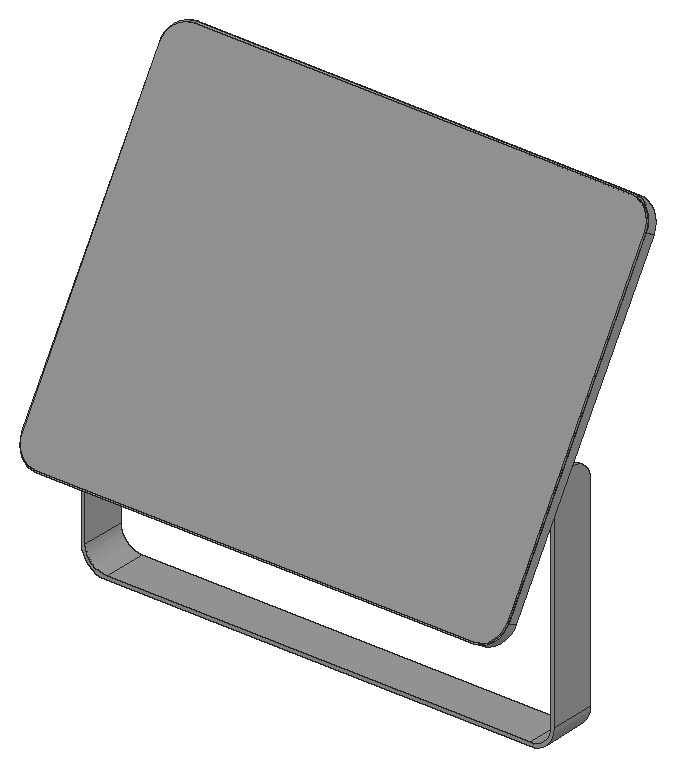
Revit family "0047973 Sylvania Lighting Fixture START eco Flood Flat IP65 6500lm 840", category Lighting Fixtures, host Face, Revit 2016
Family settings
  Host = Face
  Part Type = Normal
  Round Connector Dimension = Use Diameter
  OmniClass Number = 23.80.70.00
  OmniClass Title = Lighting
  Cut with Voids When Loaded = No
  Light Source = No
  Shared = No
  Room Calculation Point = No
Parameters (values of type "0047973 ST E FLD FLT IP65 6500LM 840")
  WidthBracketIn_SYL = if([10W_SYL], 102.2 mm, if([30W_SYL], 143.3 mm, if([50W_SYL], 181 mm, 262.8 mm)))  # 262.8 mm
  Weight = "8.875 kg"
  Wattage Comments = ""
  WarrantyStartDate [instance] = "n/a"
  WarrantyGuarantorParts = "n/a"
  WarrantyDurationUnit = "n/a"
  WarrantyDurationParts = "n/a"
  WarrantyDescription = "n/a"
  Voltage = 0 V
  URL = "http://www.sylvania-lighting.com"
  TypeName = "START eco Flood Flat IP65 6500lm 840"
  TypeLight_SYL = START eco Flood Flat Lamp : 0047973 ST E FLD FLT IP65 6500LM 840
  Type Image = <None>
  Type Comments = "n/a"
  ThicknessBracket_SYL = if([10W_SYL], 1.5 mm, 2 mm)  # 2 mm
  SerialNumber [instance] = "n/a"
  RotationAngle_SYL [instance] = 32.00°
  RadiusBracket_SYL = if([10W_SYL], 7.7 mm, if([30W_SYL], 8 mm, if([50W_SYL], 17 mm, 14 mm)))  # 14 mm
  RadiusBracketIn_SYL = RadiusBracket_SYL - ThicknessBracket_SYL  # 12 mm
  OffsetAxis_SYL = DepthBracket_SYL / 2  # 12.5 mm
  PowerFactor = 0.9
  PowerConsumption = "70 W"
  NominalLength = 283 mm
  NominalHeight = 44 mm
  NominalDepth = 263 mm
  Name = "START eco Flood Flat IP65 6500lm 840"
  ModelReference = Name  # "START eco Flood Flat IP65 6500lm 840"
  ModelNumber = "0047973"
  Model = Name  # "START eco Flood Flat IP65 6500lm 840"
  Material = "adc12 housing"
  ManufacturerName = "Feilo Sylvania"
  Manufacturer = "Feilo Sylvania"
  LuminousEfficacy = "95 lm/W"
  LuminaireType = ""
  LightOutputRatio = "n/a"
  LampsType = Lamp  # "LED"
  LampNominalLuminous = "6650 lm"
  LampMacAdamStep = "n/a"
  LampColourTemperature = "4000 K"
  LampColourRenderingIndex = "80"
  Lamp = "LED"
  Keynote = "16500"
  InstallationDate [instance] = "n/a"
  InputVoltage = "n/a"
  InputNominalFrequency = "n/a"
  IngressProtection = "IP65"
  ImpactProtectionIndex = "IK07"
  IfcExportType = "IfcLightFixtureType"
  IfcExportAs = "IfcLightFixtureType"
  HeightBracket_SYL = if([10W_SYL], 55 mm, if([30W_SYL], 70 mm, if([50W_SYL], 110 mm, 141 mm)))  # 141 mm
  ExpectedLife = 30000
  EndAngle_SYL [instance] = RotationAngle_SYL + 180.00°  # 212.00°
  ElectricShockClassification = "Class I"
  DurationUnit = "hours"
  DocumentationLiterature = "http://www.sylvania-lighting.com/product/en-int/products/0047973"
  DimmingControlOptions = "n/a"
  Description = "The new Start eco Flood Flat comes with improved design. The streamlined, durable, lightweight die-cast aluminium body makes it a perfect choice for building facades, car parks, garages and construction areas. The product includes 1 m pre-wired stripped cable and fitting bracket for quick and easy installation and the universal mounting bracket allows wall or surface mounting with the possibility of vertical tilting. Black die-cast aluminum housing, white reflector, 6650 lm, 70 W, 95 lm/W, 4000K, drive current 270 mA, non dimmable, CRI>80, IP65, IK07, Class I, lumen maintenance L70:B50: 30000 hrs, 283 x 263 x 44 mm (L x W x H). Weight: 1.775kg. Energy class: A++ A+ A."
  DepthBracket_SYL = if([10W_SYL], 15 mm, if([30W_SYL], 15 mm, if([50W_SYL], 17 mm, 25 mm)))  # 25 mm
  Default Elevation = 1219.2 mm
  CreatedOn = "10/8/2018"
  CreatedBy = "@sylvania-lighting.com"
  Cost = 0
  built-in parameter 1114216 [instance] = (empty or 0)
  ClassificationValue = "EF_70_80"
  ClassificationName = "Uniclass2015"
  Material_1_SYL = Body-Sylvania-FloodFlat-Black
  BarCode [instance] = "n/a"
  AssetType = "Fixed"
  AssetIdentifier [instance] = "n/a"
  Assembly Code = "D5020200"
  Apparent Load = 70 VA
  50W_SYL = no
  30W_SYL = no
  10W_SYL = no
Reference planes
  plane 1 "Center (Front/Back)": y = 0
  plane 2: z = 0
  plane 3 "Center (Left/Right)": x = 0
  plane 4: x = -133.4
  plane 5: x = 133.4
  plane 6: z = 141
  plane 7: z = 128.5
  plane 8: x = -131.4
  plane 9: x = 131.4
  plane 10: z = 2
  plane 11: y = 12.5
  plane 12: y = -12.5
  plane 13: x = -119.4
  plane 14: z = 14
  plane 15: x = 119.4
  plane 16: y = -14.5
  plane 17: z = 143
  plane 18: y = 14.5
Forms (mm)
  Extrusion 1, solid, material "Body-Sylvania-FloodFlat-Black" <- "Material_1_SYL"
    sketch origin (0, 0, 0) x (1, 0, 0) y (0, 0, 1)
      loop
        line (-131.4, 141) -> (-133.4, 141) -> (-133.4, 14)
        arc (-133.4, 14) -> (-129.299, 4.101) -> (-119.4, 0) r 14
        line (-119.4, 0) -> (119.4, 0)
        arc (119.4, 0) -> (129.299, 4.101) -> (133.4, 14) r 14
        line (133.4, 14) -> (133.4, 141) -> (131.4, 141) -> (131.4, 14)
        arc (131.4, 14) -> (127.885, 5.515) -> (119.4, 2) r 12
        line (119.4, 2) -> (-119.4, 2)
        arc (-119.4, 2) -> (-127.885, 5.515) -> (-131.4, 14) r 12
        line (-131.4, 14) -> (-131.4, 141)
    from -12.5 to 12.5
  Extrusion 2, void
    sketch origin (0, 0, 0) x (0, 1, 0) y (0, 0, 1)
      loop
        line (12.5, 128.5) -> (14.5, 128.5) -> (14.5, 143) -> (-14.5, 143) -> (-14.5, 128.5) -> (-12.5, 128.5)
        arc (-12.5, 128.5) -> (0, 141) -> (12.5, 128.5) r 12.5
    from -133.4 to 133.4
  Revolve 3, solid, not visible
    sketch origin (0, 0, 0) x (1, 0, 0) y (0, 0, 1)
      loop
        line (0, 128.5) -> (0, 141) -> (-12.336, 141) -> (-12.336, 128.5) -> (0, 128.5)
      axis (0, 128.5) -> (-12.336, 128.5)
    angle from 32 <- "RotationAngle_SYL" to 212 <- "EndAngle_SYL"
Cuts and joins
  Extrusion 2 cuts Extrusion 1
Dimensions and locks
  equal spacing: plane 9, plane 3 "Center (Left/Right)", plane 8
  "WidthBracketIn_SYL": plane 9 to plane 8
  "ThicknessBracket_SYL": plane 8 to plane 4
  "ThicknessBracket_SYL": plane 5 to plane 9
  "ThicknessBracket_SYL": plane 10 to plane 2
  equal spacing: plane 12, plane 1 "Center (Front/Back)", plane 11
  "DepthBracket_SYL": plane 12 to plane 11
  "OffsetAxis_SYL": plane 7 to plane 6
  "HeightBracket_SYL": plane 6 to plane 2
  "RadiusBracket_SYL": plane 14 to plane 2
  equal spacing: plane 15, plane 3 "Center (Left/Right)", plane 13
  "RadiusBracket_SYL": plane 13 to plane 4
  equal spacing: plane 16, plane 1 "Center (Front/Back)", plane 18
  locked: plane 16 to plane 12 at 2
  locked: plane 6 to plane 17 at 2
  "RadiusBracket_SYL": radius of Extrusion 1 sketch curve  (x2)
  "RadiusBracketIn_SYL": radius of Extrusion 1 sketch curve  (x2)
  aligned and locked: plane 2 to host face
  aligned and locked: level to host face
  aligned and locked: Extrusion 1 sketch curve to plane 6  (x2)
  aligned and locked: Extrusion 1 sketch curve to plane 4
  aligned and locked: plane 5 to Extrusion 1 sketch curve
  aligned and locked: Extrusion 1 sketch curve to plane 9
  aligned and locked: Extrusion 1 sketch curve to plane 2
  aligned and locked: plane 13 to Extrusion 1 sketch curve
  aligned and locked: plane 14 to Extrusion 1 sketch curve  (x2)
  aligned and locked: plane 15 to Extrusion 1 sketch curve
  aligned and locked: Extrusion 1 to plane 11
  aligned and locked: plane 12 to Extrusion 1
  aligned and locked: plane 11 to Extrusion 2 sketch curve
  aligned and locked: plane 1 "Center (Front/Back)" to Extrusion 2 sketch curve
  aligned and locked: plane 7 to Extrusion 2 sketch curve
  aligned and locked: plane 17 to Extrusion 2 sketch curve
  aligned and locked: plane 18 to Extrusion 2 sketch curve
  aligned and locked: Extrusion 2 sketch curve to plane 16
  aligned and locked: Extrusion 2 sketch curve to plane 7  (x2)
  aligned and locked: plane 5 to Extrusion 2
  aligned and locked: Extrusion 2 to plane 4
  aligned and locked: Revolve 3 sketch curve to plane 7  (x2)
  aligned and locked: Revolve 3 sketch curve to plane 3 "Center (Left/Right)"
  aligned and locked: plane 6 to Revolve 3 sketch curve
  aligned and locked: plane 3 "Center (Left/Right)" to nested 1
Automatic sketch dimensions
  host sketch curve to host sketch curve = 2438.4 mm  (x2)
  Revolve 3 sketch curve to plane 3 "Center (Left/Right)" = 12.336 mm
  Revolve 3 sketch curve to plane 4 = 1122.5 mm
  plane 5 to Revolve 3 sketch curve = 1130.9 mm
Nested families
  nested 1: "START eco Flood Flat Lamp" at (0, 14.785, 152.161) x (1, 0, 0) z (0, -0.848, 0.5299), type <- "TypeLight_SYL", type "0047973 ST E FLD FLT IP65 6500LM 840"
    with built-in parameter 1114216 (empty or 0)
Connectors
  electrical at (0, 0, 0), driven by "Apparent Load", driven by "PowerFactor", driven by "Voltage"
    settings: index 1, voltage 0 V, apparent load 70 VA, apparent load phase1 0 VA, apparent load phase2 0 VA, apparent load phase3 0 VA, power factor 0.9, load classification "Lighting", number of poles 1, system type 30, power factor state 1, is connector primary yes, connector utility no, sub classification motor no, connector description ""
Definition of nested family "START eco Flood Flat Lamp"
  Parameters (values of type "0047977 ST E FLD FLT IP65 9000LM 840")
    Width_SYL = if([10W_SYL], 110 mm, if([30W_SYL], 151 mm, if([50W_SYL], 189 mm, 275 mm)))  # 275 mm
    WidthLEDBoard_SYL = if([10W_SYL], 40 mm, if([30W_SYL], 83 mm, if([50W_SYL], 80 mm, 180 mm)))  # 180 mm
    WidthVignette_SYL = if([10W_SYL], 78.6 mm, if([30W_SYL], 120 mm, if([50W_SYL], 157 mm, 226 mm)))  # 226 mm
    WidthBoltHousing_SYL = 4 * OffsetBoltHousing_SYL  # 24.5 mm
    Wattage Comments = "n/a"
    Wattage = 100 W
    built-in parameter 1150110 = 1 (stored number, unit not read)
    URL = "http://www.sylvania-lighting.com"
    Type Image = (empty or 0)
    Type Comments = "n/a"
    built-in parameter 1114217 = 1 (stored number, unit not read)
    Tilt Angle = -90.00°
    ThicknessScreen_SYL = if([10W_SYL], 5 mm, if([30W_SYL], 5.2 mm, if([50W_SYL], 5.4 mm, 6.1 mm)))  # 6.1 mm
    ThicknessDiffuser_SYL = 0.8 mm  # constant formula
    built-in parameter 1150109 = 1 (stored number, unit not read)
    built-in parameter 1150134 = 12
    built-in parameter 1150113 = 1 (stored number, unit not read)
    RotationAxisFromTop_SYL = if([10W_SYL], 48.8 mm, if([30W_SYL], 61.7 mm, if([50W_SYL], 91.3 mm, 133.4 mm)))  # 133.4 mm
    RadiusLEDBoard_SYL = if([10W_SYL], 1.5 mm, if([30W_SYL], 2 mm, if([50W_SYL], 1.9 mm, 3.7 mm)))  # 3.7 mm
    RadiusDiffuser_SYL = RadiusCorners_SYL - ThicknessDiffuser_SYL  # 13.4 mm
    RadiusCorners_SYL = if([10W_SYL], 10.5 mm, if([30W_SYL], 10.7 mm, if([50W_SYL], 10.7 mm, 14.2 mm)))  # 14.2 mm
    RadiusBoltHousing_SYL = if([10W_SYL], 4.1 mm, if([30W_SYL], 4.9 mm, if([50W_SYL], 5 mm, 8.1 mm)))  # 8.1 mm
    RadiusBack_SYL = RadiusCorners_SYL - OffsetXBack_SYL / 3  # 10.117 mm
    RadiusBackB_SYL = RadiusBack_SYL - OffsetXBackB_SYL  # 7.054 mm
    Photometric Web File = "0047977.ies"
    PIR_SYL = no
    PIRHolderRadius_SYL = PIRBaseFillet_SYL + 2 mm  # 11 mm
    PIRFillet_SYL = 3 mm  # constant formula
    PIRBaseWidth_SYL = 38 mm
    PIRBaseFillet_SYL = PIRBaseDepth_SYL / 2  # 9 mm
    PIRBaseDepth_SYL = 18 mm
    OffsetYBack_SYL = (Height_SYL - HeightVignette_SYL) / 4  # 11 mm
    OffsetYBackB_SYL = OffsetYBack_SYL / 4  # 2.75 mm
    OffsetXBack_SYL = (Width_SYL - WidthVignette_SYL) / 4  # 12.25 mm
    OffsetXBackB_SYL = OffsetXBack_SYL / 4  # 3.063 mm
    OffsetBoltHousing_SYL = OffsetXBack_SYL / 2  # 6.125 mm
    Material_7_SYL = none
    Material_6_SYL = none
    Material_5_SYL = none
    Material_3_SYL = none
    Model = "START eco Flood Flat IP65 9000lm 840"
    Manufacturer = "Feilo Sylvania"
    built-in parameter 1150105 = 3437 (stored number, unit not read)
    Lumens = 9500 lm
    built-in parameter 1150115 = 1 (stored number, unit not read)
    built-in parameter 1150137 = (empty or 0)
    built-in parameter 1150139 = (empty or 0)
    built-in parameter 1150112 = 1 (stored number, unit not read)
    built-in parameter 1150114 = 1 (stored number, unit not read)
    Lamp = "LED"
    Keynote = "16500"
    Material_2_SYL = none
    InsertionPlaneFromTop_SYL = if([10W_SYL], 15.1 mm, if([30W_SYL], 14.5 mm, if([50W_SYL], 14.8 mm, 19.3 mm)))  # 19.3 mm
    built-in parameter 1150132 = (empty or 0)
    built-in parameter 1150102 = (empty or 0)
    built-in parameter 1150107 = 4000 (stored number, unit not read)
    built-in parameter 1150138 = (empty or 0)
    built-in parameter 1150106 = 34.37 (stored number, unit not read)
    Height_SYL = if([10W_SYL], 81.6 mm, if([30W_SYL], 112 mm, if([50W_SYL], 140.5 mm, 211 mm)))  # 211 mm
    HeightVignette_SYL = if([10W_SYL], 50 mm, if([30W_SYL], 81 mm, if([50W_SYL], 110 mm, 167 mm)))  # 167 mm
    HeightLEDBoard_SYL = if([10W_SYL], 25 mm, if([30W_SYL], 39 mm, if([50W_SYL], 56 mm, 132 mm)))  # 132 mm
    Emit from Rectangle Width = HeightVignette_SYL - 2 * RadiusVignette_SYL  # 146.2 mm
    Emit from Rectangle Length = WidthVignette_SYL - 2 * RadiusVignette_SYL  # 205.2 mm
    Emit Shape Visible in Rendering = no
    built-in parameter 1150104 = 8.8258 (stored number, unit not read)
    Dimming Lamp Color Temperature Shift = (empty or 0)
    DepthLEDBoard_SYL = (ThicknessScreen_SYL + DepthBack_SYL) / 9  # 2.289 mm
    DepthBack_SYL = if([10W_SYL], 10.2 mm, if([30W_SYL], 14.7 mm, if([50W_SYL], 16.9 mm, 14.5 mm)))  # 14.5 mm
    RadiusVignette_SYL = if([10W_SYL], 4.1 mm, if([30W_SYL], 4.1 mm, if([50W_SYL], 4.1 mm, 10.4 mm)))  # 10.4 mm
    Description = "The new Start eco Flood Flat comes with improved design. The streamlined, durable, lightweight die-cast aluminium body makes it a perfect choice for building facades, car parks, garages and construction areas. The product includes 1 m pre-wired stripped cable and fitting bracket for quick and easy installation and the universal mounting bracket allows wall or surface mounting with the possibility of vertical tilting. Black die-cast aluminum housing, white reflector, 9500 lm, 100 W, 95 lm/W, 4000K, drive current 386 mA, non dimmable, CRI>80, IP65, IK07, Class I, lumen maintenance L70:B50: 30000 hrs, 283 x 263 x 44 mm (L x W x H). Weight: 1.775kg. Energy class: A++ A+ A."
    DepthReflector_SYL = (ThicknessScreen_SYL + DepthBack_SYL) / 2  # 10.3 mm
    Default Elevation = 1219.2 mm
    Cost = 0
    Color Filter = 16777215
    built-in parameter 1114216 [instance] = (empty or 0)
    Material_1_SYL = none
    built-in parameter 1114218 = 1 (stored number, unit not read)
    built-in parameter 1150133 = 10 (stored number, unit not read)
    Assembly Code = "D5020200"
    Apparent Load = 100 VA
    Material_4_SYL = none
    50W_SYL = no
    30W_SYL = no
    10W_SYL = no
  Types (16, lengths in mm): name | Width_SYL | WidthLEDBoard_SYL | WidthVignette_SYL | WidthBoltHousing_SYL | Wattage | ThicknessScreen_SYL | built-in parameter 1150134 | RotationAxisFromTop_SYL | RadiusLEDBoard_SYL | RadiusDiffuser_SYL | RadiusCorners_SYL | RadiusBoltHousing_SYL | RadiusBack_SYL | RadiusBackB_SYL | Photometric Web File | PIR_SYL | OffsetYBack_SYL | OffsetYBackB_SYL | OffsetXBack_SYL | OffsetXBackB_SYL | OffsetBoltHousing_SYL | Model | built-in parameter 1150105 | Lumens | InsertionPlaneFromTop_SYL | built-in parameter 1150107 | built-in parameter 1150106 | Height_SYL | HeightVignette_SYL | HeightLEDBoard_SYL | Emit from Rectangle Width | Emit from Rectangle Length | built-in parameter 1150104 | DepthLEDBoard_SYL | DepthBack_SYL | RadiusVignette_SYL | Description | DepthReflector_SYL | Apparent Load | 50W_SYL | 30W_SYL | 10W_SYL
    0047977 ST E FLD FLT IP65 9000LM 840 | 275 | 180 | 226 | 24.5 | 100 W | 6.1 | 12 | 133.4 | 3.7 | 13.4 | 14.2 | 8.1 | 10.117 | 7.054 | "0047977.ies" | no | 11 | 2.75 | 12.25 | 3.063 | 6.125 | "START eco Flood Flat IP65 9000lm 840" | 3437 (stored number, unit not read) | 9500 lm | 19.3 | 4000 (stored number, unit not read) | 34.37 (stored number, unit not read) | 211 | 167 | 132 | 146.2 | 205.2 | 8.8258 (stored number, unit not read) | 2.289 | 14.5 | 10.4 | "The new Start eco Flood Flat comes with improved design. The streamlined, durable, lightweight die-cast aluminium body makes it a perfect choice for building facades, car parks, garages and construction areas. The product includes 1 m pre-wired stripped cable and fitting bracket for quick and easy installation and the universal mounting bracket allows wall or surface mounting with the possibility of vertical tilting. Black die-cast aluminum housing, white reflector, 9500 lm, 100 W, 95 lm/W, 4000K, drive current 386 mA, non dimmable, CRI>80, IP65, IK07, Class I, lumen maintenance L70:B50: 30000 hrs, 283 x 263 x 44 mm (L x W x H). Weight: 1.775kg. Energy class: A++ A+ A." | 10.3 | 100 VA | no | no | no
    0047976 ST E FLD FLT IP65 9000LM 830 | 275 | 180 | 226 | 24.5 | 100 W | 6.1 | (empty or 0) | 133.4 | 3.7 | 13.4 | 14.2 | 8.1 | 10.117 | 7.054 | "0047976.ies" | no | 11 | 2.75 | 12.25 | 3.063 | 6.125 | "START eco Flood Flat IP65 9000lm 830" | 3256.1 (stored number, unit not read) | 9000 lm | 19.3 | 3000 (stored number, unit not read) | 32.561 (stored number, unit not read) | 211 | 167 | 132 | 146.2 | 205.2 | 8.3613 (stored number, unit not read) | 2.289 | 14.5 | 10.4 | "The new Start eco Flood Flat comes with improved design. The streamlined, durable, lightweight die-cast aluminium body makes it a perfect choice for building facades, car parks, garages and construction areas. The product includes 1 m pre-wired stripped cable and fitting bracket for quick and easy installation and the universal mounting bracket allows wall or surface mounting with the possibility of vertical tilting. Black die-cast aluminum housing, white reflector, 9000 lm, 100 W, 90 lm/W, 3000K, drive current 386 mA, non dimmable, CRI>80, IP65, IK07, Class I, lumen maintenance L70:B50: 30000 hrs, 283 x 263 x 44 mm (L x W x H). Weight: 1.775kg. Energy class: A++ A+ A." | 10.3 | 100 VA | no | no | no
    0047973 ST E FLD FLT IP65 6500LM 840 | 275 | 180 | 226 | 24.5 | 70 W | 6.1 | 12 | 133.4 | 3.7 | 13.4 | 14.2 | 8.1 | 10.117 | 7.054 | "0047973.ies" | no | 11 | 2.75 | 12.25 | 3.063 | 6.125 | "START eco Flood Flat IP65 6500lm 840" | 2460.1 (stored number, unit not read) | 6650 lm | 19.3 | 4000 (stored number, unit not read) | 24.601 (stored number, unit not read) | 211 | 167 | 132 | 146.2 | 205.2 | 8.8258 (stored number, unit not read) | 2.289 | 14.5 | 10.4 | "The new Start eco Flood Flat comes with improved design. The streamlined, durable, lightweight die-cast aluminium body makes it a perfect choice for building facades, car parks, garages and construction areas. The product includes 1 m pre-wired stripped cable and fitting bracket for quick and easy installation and the universal mounting bracket allows wall or surface mounting with the possibility of vertical tilting. Black die-cast aluminum housing, white reflector, 6650 lm, 70 W, 95 lm/W, 4000K, drive current 270 mA, non dimmable, CRI>80, IP65, IK07, Class I, lumen maintenance L70:B50: 30000 hrs, 283 x 263 x 44 mm (L x W x H). Weight: 1.775kg. Energy class: A++ A+ A." | 10.3 | 70 VA | no | no | no
    0047972 ST E FLD FLT IP65 6500LM 830 | 275 | 180 | 226 | 24.5 | 70 W | 6.1 | (empty or 0) | 133.4 | 3.7 | 13.4 | 14.2 | 8.1 | 10.117 | 7.054 | "0047972.ies" | no | 11 | 2.75 | 12.25 | 3.063 | 6.125 | "START eco Flood Flat IP65 6500lm 830" | 2330.6 (stored number, unit not read) | 6300 lm | 19.3 | 3000 (stored number, unit not read) | 23.306 (stored number, unit not read) | 211 | 167 | 132 | 146.2 | 205.2 | 8.3613 (stored number, unit not read) | 2.289 | 14.5 | 10.4 | "The new Start eco Flood Flat comes with improved design. The streamlined, durable, lightweight die-cast aluminium body makes it a perfect choice for building facades, car parks, garages and construction areas. The product includes 1 m pre-wired stripped cable and fitting bracket for quick and easy installation and the universal mounting bracket allows wall or surface mounting with the possibility of vertical tilting. Black die-cast aluminum housing, white reflector, 6300 lm, 70 W, 90 lm/W, 3000K, drive current 270 mA, non dimmable, CRI>80, IP65, IK07, Class I, lumen maintenance L70:B50: 30000 hrs, 283 x 263 x 44 mm (L x W x H). Weight: 1.775kg. Energy class: A++ A+ A." | 10.3 | 70 VA | no | no | no
    0047971 ST E FLD FLT IP54 PIR 4500LM 840 | 189 | 80 | 157 | 16 | 51 W | 5.4 | 12 | 91.3 | 1.9 | 9.9 | 10.7 | 5 | 8.033 | 6.033 | "0047971.ies" | yes | 7.625 | 1.906 | 8 | 2 | 4 | "START eco Flood Flat IP54 PIR 4500lm 840" | 1695.8 (stored number, unit not read) | 4743 lm | 14.8 | 4000 (stored number, unit not read) | 16.958 (stored number, unit not read) | 140.5 | 110 | 56 | 101.8 | 148.8 | 8.64 (stored number, unit not read) | 2.478 | 16.9 | 4.1 | "The new Start eco Flood Flat comes with improved design. The streamlined, durable, lightweight die-cast aluminium body makes it a perfect choice for building facades, car parks, garages and construction areas. The product includes 1 m pre-wired stripped cable and fitting bracket for quick and easy installation and the universal mounting bracket allows wall or surface mounting with the possibility of vertical tilting. Black die-cast aluminum housing, white reflector, 4750 lm, 51 W, 93 lm/W, 4000K, drive current 193 mA, non dimmable, CRI>80, IP54, IK07 - fixture, IK05 - sensor, Class I, lumen maintenance L70:B50: 30000 hrs, 193 x 216 x 70 mm (L x W x H). Weight: 0.85kg.  PIR sensor included. Energy class: A++ A+ A." | 11.15 | 51 VA | yes | no | no
    0047970 ST E FLD FLT IP54 PIR 4500LM 830 | 189 | 80 | 157 | 16 | 51 W | 5.4 | (empty or 0) | 91.3 | 1.9 | 9.9 | 10.7 | 5 | 8.033 | 6.033 | "0047970.ies" | yes | 7.625 | 1.906 | 8 | 2 | 4 | "START eco Flood Flat IP54 PIR 4500lm 830" | 1604.6 (stored number, unit not read) | 4488 lm | 14.8 | 3000 (stored number, unit not read) | 16.046 (stored number, unit not read) | 140.5 | 110 | 56 | 101.8 | 148.8 | 8.1755 (stored number, unit not read) | 2.478 | 16.9 | 4.1 | "The new Start eco Flood Flat comes with improved design. The streamlined, durable, lightweight die-cast aluminium body makes it a perfect choice for building facades, car parks, garages and construction areas. The product includes 1 m pre-wired stripped cable and fitting bracket for quick and easy installation and the universal mounting bracket allows wall or surface mounting with the possibility of vertical tilting. Black die-cast aluminum housing, white reflector, 4500 lm, 51 W, 88 lm/W, 3000K, drive current 193 mA, non dimmable, CRI>80, IP54, IK07 - fixture, IK05 - sensor, Class I, lumen maintenance L70:B50: 30000 hrs, 193 x 216 x 70 mm (L x W x H). Weight: 0.85kg.  PIR sensor included. Energy class: A++ A+ A." | 11.15 | 51 VA | yes | no | no
    0047969 ST E FLD FLT IP65 4500LM 840 | 189 | 80 | 157 | 16 | 50 W | 5.4 | 12 | 91.3 | 1.9 | 9.9 | 10.7 | 5 | 8.033 | 6.033 | "0047969.ies" | no | 7.625 | 1.906 | 8 | 2 | 4 | "START eco Flood Flat IP65 4500lm 840" | 1698.3 (stored number, unit not read) | 4750 lm | 14.8 | 4000 (stored number, unit not read) | 16.983 (stored number, unit not read) | 140.5 | 110 | 56 | 101.8 | 148.8 | 8.8258 (stored number, unit not read) | 2.478 | 16.9 | 4.1 | "The new Start eco Flood Flat comes with improved design. The streamlined, durable, lightweight die-cast aluminium body makes it a perfect choice for building facades, car parks, garages and construction areas. The product includes 1 m pre-wired stripped cable and fitting bracket for quick and easy installation and the universal mounting bracket allows wall or surface mounting with the possibility of vertical tilting. Black die-cast aluminum housing, white reflector, 4750 lm, 50 W, 95 lm/W, 4000K, drive current 193 mA, non dimmable, CRI>80, IP65, IK07, Class I, lumen maintenance L70:B50: 30000 hrs, 193 x 190 x 48 mm (L x W x H). Weight: 0.785kg. Energy class: A++ A+ A." | 11.15 | 50 VA | yes | no | no
    0047968 ST E FLD FLT IP65 4500LM 830 | 189 | 80 | 157 | 16 | 50 W | 5.4 | (empty or 0) | 91.3 | 1.9 | 9.9 | 10.7 | 5 | 8.033 | 6.033 | "0047968.ies" | no | 7.625 | 1.906 | 8 | 2 | 4 | "START eco Flood Flat IP65 4500lm 830" | 1608.9 (stored number, unit not read) | 4500 lm | 14.8 | 3000 (stored number, unit not read) | 16.089 (stored number, unit not read) | 140.5 | 110 | 56 | 101.8 | 148.8 | 8.3613 (stored number, unit not read) | 2.478 | 16.9 | 4.1 | "The new Start eco Flood Flat comes with improved design. The streamlined, durable, lightweight die-cast aluminium body makes it a perfect choice for building facades, car parks, garages and construction areas. The product includes 1 m pre-wired stripped cable and fitting bracket for quick and easy installation and the universal mounting bracket allows wall or surface mounting with the possibility of vertical tilting. Black die-cast aluminum housing, white reflector, 4500 lm, 50 W, 90 lm/W, 3000K, drive current 193 mA, non dimmable, CRI>80, IP65, IK07, Class I, lumen maintenance L70:B50: 30000 hrs, 193 x 190 x 48 mm (L x W x H). Weight: 0.785kg. Energy class: A++ A+ A." | 11.15 | 50 VA | yes | no | no
    0047967 ST E FLD FLT IP54 PIR 2800LM 840 | 151 | 83 | 120 | 15.5 | 31 W | 5.2 | 12 | 61.7 | 2 | 9.9 | 10.7 | 4.9 | 8.117 | 6.179 | "0047967.ies" | yes | 7.75 | 1.938 | 7.75 | 1.938 | 3.875 | "START eco Flood Flat IP54 PIR 2800lm 840" | 1045.5 (stored number, unit not read) | 2852 lm | 14.5 | 4000 (stored number, unit not read) | 10.455 (stored number, unit not read) | 112 | 81 | 39 | 72.8 | 111.8 | 8.5471 (stored number, unit not read) | 2.211 | 14.7 | 4.1 | "The new Start eco Flood Flat comes with improved design. The streamlined, durable, lightweight die-cast aluminium body makes it a perfect choice for building facades, car parks, garages and construction areas. The product includes 1 m pre-wired stripped cable and fitting bracket for quick and easy installation and the universal mounting bracket allows wall or surface mounting with the possibility of vertical tilting. Black die-cast aluminum housing, white reflector, 2850 lm, 31 W, 92 lm/W, 4000K, drive current 116 mA, non dimmable, CRI>80, IP54, IK06 - fixture, IK05 - sensor, Class I, lumen maintenance L70:B50: 30000 hrs, 156 x 178 x 67 mm (L x W x H). Weight: 0.61kg.  PIR sensor included. Energy class: A++ A+ A." | 9.95 | 31 VA | no | yes | no
    0047966 ST E FLD FLT IP54 PIR 2800LM 830 | 151 | 83 | 120 | 15.5 | 31 W | 5.2 | (empty or 0) | 61.7 | 2 | 9.9 | 10.7 | 4.9 | 8.117 | 6.179 | "0047966.ies" | yes | 7.75 | 1.938 | 7.75 | 1.938 | 3.875 | "START eco Flood Flat IP54 PIR 2800lm 830" | 988.72 (stored number, unit not read) | 2697 lm | 14.5 | 3000 (stored number, unit not read) | 9.8872 (stored number, unit not read) | 112 | 81 | 39 | 72.8 | 111.8 | 8.0826 (stored number, unit not read) | 2.211 | 14.7 | 4.1 | "The new Start eco Flood Flat comes with improved design. The streamlined, durable, lightweight die-cast aluminium body makes it a perfect choice for building facades, car parks, garages and construction areas. The product includes 1 m pre-wired stripped cable and fitting bracket for quick and easy installation and the universal mounting bracket allows wall or surface mounting with the possibility of vertical tilting. Black die-cast aluminum housing, white reflector, 2700 lm, 31 W, 87 lm/W, 3000K, drive current 116 mA, non dimmable, CRI>80, IP54, IK06 - fixture, IK05 - sensor, Class I, lumen maintenance L70:B50: 30000 hrs, 156 x 178 x 67 mm (L x W x H). Weight: 0.61kg.  PIR sensor included. Energy class: A++ A+ A." | 9.95 | 31 VA | no | yes | no
    0047965 ST E FLD FLT IP65 2800LM 840 | 151 | 83 | 120 | 15.5 | 30 W | 5.2 | 12 | 61.7 | 2 | 9.9 | 10.7 | 4.9 | 8.117 | 6.179 | "0047965.ies" | no | 7.75 | 1.938 | 7.75 | 1.938 | 3.875 | "START eco Flood Flat IP65 2800lm 840" | 1044.8 (stored number, unit not read) | 2850 lm | 14.5 | 4000 (stored number, unit not read) | 10.448 (stored number, unit not read) | 112 | 81 | 39 | 72.8 | 111.8 | 8.8258 (stored number, unit not read) | 2.211 | 14.7 | 4.1 | "The new Start eco Flood Flat comes with improved design. The streamlined, durable, lightweight die-cast aluminium body makes it a perfect choice for building facades, car parks, garages and construction areas. The product includes 1 m pre-wired stripped cable and fitting bracket for quick and easy installation and the universal mounting bracket allows wall or surface mounting with the possibility of vertical tilting. Black die-cast aluminum housing, white reflector, 2850 lm, 30 W, 95 lm/W, 4000K, drive current 116 mA, non dimmable, CRI>80, IP65, IK06, Class I, lumen maintenance L70:B50: 30000 hrs, 156 x 126 x 38 mm (L x W x H). Weight: 0.545kg. Energy class: A++ A+ A." | 9.95 | 30 VA | no | yes | no
    0047964 ST E FLD FLT IP65 2800LM 830 | 151 | 83 | 120 | 15.5 | 30 W | 5.2 | (empty or 0) | 61.7 | 2 | 9.9 | 10.7 | 4.9 | 8.117 | 6.179 | "0047964.ies" | no | 7.75 | 1.938 | 7.75 | 1.938 | 3.875 | "START eco Flood Flat IP65 2800lm 830" | 989.82 (stored number, unit not read) | 2700 lm | 14.5 | 3000 (stored number, unit not read) | 9.8982 (stored number, unit not read) | 112 | 81 | 39 | 72.8 | 111.8 | 8.3613 (stored number, unit not read) | 2.211 | 14.7 | 4.1 | "The new Start eco Flood Flat comes with improved design. The streamlined, durable, lightweight die-cast aluminium body makes it a perfect choice for building facades, car parks, garages and construction areas. The product includes 1 m pre-wired stripped cable and fitting bracket for quick and easy installation and the universal mounting bracket allows wall or surface mounting with the possibility of vertical tilting. Black die-cast aluminum housing, white reflector, 2700 lm, 30 W, 90 lm/W, 3000K, drive current 116 mA, non dimmable, CRI>80, IP65, IK06, Class I, lumen maintenance L70:B50: 30000 hrs, 156 x 126 x 38 mm (L x W x H). Weight: 0.545kg. Energy class: A++ A+ A." | 9.95 | 30 VA | no | yes | no
    0047963 ST E FLD FLT IP54 PIR 900LM 840 | 110 | 40 | 78.6 | 15.7 | 11 W | 5 | 12 | 48.8 | 1.5 | 9.7 | 10.5 | 4.1 | 7.883 | 5.921 | "0047963.ies" | yes | 7.9 | 1.975 | 7.85 | 1.963 | 3.925 | "START eco Flood Flat IP54 PIR 900lm 840" | 365.78 (stored number, unit not read) | 946 lm | 15.1 | 4000 (stored number, unit not read) | 3.6578 (stored number, unit not read) | 81.6 | 50 | 25 | 41.8 | 70.4 | 7.9897 (stored number, unit not read) | 1.689 | 10.2 | 4.1 | "The new Start eco Flood Flat comes with improved design. The streamlined, durable, lightweight die-cast aluminium body makes it a perfect choice for building facades, car parks, garages and construction areas. The product includes 1 m pre-wired stripped cable and fitting bracket for quick and easy installation and the universal mounting bracket allows wall or surface mounting with the possibility of vertical tilting. Black die-cast aluminum housing, white reflector, 950 lm, 11 W, 86 lm/W, 4000K, drive current 38.6 mA, non dimmable, CRI>80, IP54, IK06 - fixture, IK05 - sensor, Class I, lumen maintenance L70:B50: 30000 hrs, 156 x 178 x 67 mm (L x W x H). Weight: 0.61kg.  PIR sensor included. Energy class: A++ A+ A." | 7.6 | 11 VA | no | no | yes
    0047962 ST E FLD FLT IP54 PIR 900LM 830 | 110 | 40 | 78.6 | 15.7 | 11 W | 5 | (empty or 0) | 48.8 | 1.5 | 9.7 | 10.5 | 4.1 | 7.883 | 5.921 | "0047962.ies" | yes | 7.9 | 1.975 | 7.85 | 1.963 | 3.925 | "START eco Flood Flat IP54 PIR 900lm 830" | 345.53 (stored number, unit not read) | 902 lm | 15.1 | 3000 (stored number, unit not read) | 3.4553 (stored number, unit not read) | 81.6 | 50 | 25 | 41.8 | 70.4 | 7.618 (stored number, unit not read) | 1.689 | 10.2 | 4.1 | "The new Start eco Flood Flat comes with improved design. The streamlined, durable, lightweight die-cast aluminium body makes it a perfect choice for building facades, car parks, garages and construction areas. The product includes 1 m pre-wired stripped cable and fitting bracket for quick and easy installation and the universal mounting bracket allows wall or surface mounting with the possibility of vertical tilting. Black die-cast aluminum housing, white reflector, 900 lm, 11 W, 82 lm/W, 3000K, drive current 38.6 mA, non dimmable, CRI>80, IP54, IK06 - fixture, IK05 - sensor, Class I, lumen maintenance L70:B50: 30000 hrs, 156 x 178 x 67 mm (L x W x H). Weight: 0.61kg.  PIR sensor included. Energy class: A++ A+ A." | 7.6 | 11 VA | no | no | yes
    0047961 ST E FLD FLT IP65 900LM 840 | 110 | 40 | 78.6 | 15.7 | 10 W | 5 | 12 | 48.8 | 1.5 | 9.7 | 10.5 | 4.1 | 7.883 | 5.921 | "0047961.ies" | no | 7.9 | 1.975 | 7.85 | 1.963 | 3.925 | "START eco Flood Flat IP65 900lm 840" | 367.33 (stored number, unit not read) | 950 lm | 15.1 | 4000 (stored number, unit not read) | 3.6733 (stored number, unit not read) | 81.6 | 50 | 25 | 41.8 | 70.4 | 8.8258 (stored number, unit not read) | 1.689 | 10.2 | 4.1 | "The new Start eco Flood Flat comes with improved design. The streamlined, durable, lightweight die-cast aluminium body makes it a perfect choice for building facades, car parks, garages and construction areas. The product includes 1 m pre-wired stripped cable and fitting bracket for quick and easy installation and the universal mounting bracket allows wall or surface mounting with the possibility of vertical tilting. Black die-cast aluminum housing, white reflector, 950 lm, 10 W, 95 lm/W, 4000K, drive current 38.6 mA, non dimmable, CRI>80, IP65, IK06, Class I, lumen maintenance L70:B50: 30000 hrs, 114 x 96 x 38 mm (L x W x H). Weight: 0.33kg. Energy class: A++ A+ A." | 7.6 | 10 VA | no | no | yes
    0047960 ST E FLD FLT IP65 900LM 830 | 110 | 40 | 78.6 | 15.7 | 10 W | 5 | (empty or 0) | 48.8 | 1.5 | 9.7 | 10.5 | 4.1 | 7.883 | 5.921 | "0047960.ies" | no | 7.9 | 1.975 | 7.85 | 1.963 | 3.925 | "START eco Flood Flat IP65 900lm 830" | 344.76 (stored number, unit not read) | 900 lm | 15.1 | 3000 (stored number, unit not read) | 3.4476 (stored number, unit not read) | 81.6 | 50 | 25 | 41.8 | 70.4 | 8.3613 (stored number, unit not read) | 1.689 | 10.2 | 4.1 | "The new Start eco Flood Flat comes with improved design. The streamlined, durable, lightweight die-cast aluminium body makes it a perfect choice for building facades, car parks, garages and construction areas. The product includes 1 m pre-wired stripped cable and fitting bracket for quick and easy installation and the universal mounting bracket allows wall or surface mounting with the possibility of vertical tilting. Black die-cast aluminum housing, white reflector, 900 lm, 10 W, 90 lm/W, 3000K, drive current 38.6 mA, non dimmable, CRI>80, IP65, IK06, Class I, lumen maintenance L70:B50: 30000 hrs, 114 x 96 x 38 mm (L x W x H). Weight: 0.33kg. Energy class: A++ A+ A." | 7.6 | 10 VA | no | no | yes
  Reference planes
    plane 1 "Center (Front/Back)": y = 0
    plane 2: z = 0
    plane 3 "Center (Left/Right)": x = 0
    plane 4: y = 105.5
    plane 5: y = -105.5
    plane 6: x = 137.5
    plane 7: x = -137.5
    plane 8: y = 83.5
    plane 9: y = -83.5
    plane 10: x = -113
    plane 11: x = 113
    plane 12: x = -123.3
    plane 13: y = 91.3
    plane 14: y = -91.3
    plane 15: x = 123.3
    plane 16: x = -102.6
    plane 17: y = 73.1
    plane 18: x = 102.6
    plane 19: y = -73.1
    plane 20: z = 19.3
    plane 21: z = 13.2
    plane 22: z = 9
    plane 23: z = -1.3
    plane 24: x = -125.25
    plane 25: y = 94.5
    plane 26: y = -94.5
    plane 27: x = 125.25
    plane 28: x = -122.187
    plane 29: x = 122.188
    plane 30: y = 91.75
    plane 31: y = -91.75
    plane 32: z = 18.5
    plane 33: x = -90
    plane 34: x = 90
    plane 35: y = 66
    plane 36: y = -66
    plane 37: z = 6.711
    plane 38: x = -136.7
    plane 39: y = 104.7
    plane 40: y = -104.7
    plane 41: x = 136.7
    plane 42: x = -131.375
    plane 43: x = 131.375
    plane 44: x = -106.875
    plane 45: x = 106.875
    plane 46 "RotationAxis": y = -27.9
    plane 47: y = -19.8
    plane 48: x = -19
    plane 49: x = 19
    plane 50: z = -10.3
    plane 51: z = 7.7
    plane 52: x = 10
    plane 53: x = -10
    plane 54: y = -155.5
    plane 55: y = -137.5
    plane 56: y = -146.5
    plane 57: x = -9
    plane 58: x = 9
    plane 59: y = -119.7
    plane 60: y = -173.3
    plane 61: x = -35.3
    plane 62: x = 35.3
    plane 63: z = 39.2
    plane 64: z = 33.7
  Forms (mm)
    Extrusion 1, solid
      sketch origin (4.2, 0, 0) x (1, 0, 0) y (0, 1, 0)
        loop
          line (-1219.2, 1219.2) -> (-1219.2, -1219.2) -> (1219.2, -1219.2) -> (1219.2, 1219.2) -> (-1219.2, 1219.2)
      from 0 to -68.017
    Extrusion 2, solid, material <- "Material_1_SYL"
      sketch origin (1223.4, -4572, 19.3) x (0, -1, 0) y (-1, 0, 0)
        loop
          line (-4677.5, 1346.7) -> (-4677.5, 1100.1)
          arc (-4677.5, 1100.1) -> (-4673.341, 1090.059) -> (-4663.3, 1085.9) r 14.2
          line (-4663.3, 1085.9) -> (-4480.7, 1085.9)
          arc (-4480.7, 1085.9) -> (-4470.659, 1090.059) -> (-4466.5, 1100.1) r 14.2
          line (-4466.5, 1100.1) -> (-4466.5, 1346.7)
          arc (-4466.5, 1346.7) -> (-4470.659, 1356.741) -> (-4480.7, 1360.9) r 14.2
          line (-4480.7, 1360.9) -> (-4663.3, 1360.9)
          arc (-4663.3, 1360.9) -> (-4673.341, 1356.741) -> (-4677.5, 1346.7) r 14.2
      from 6.1 to 0.8
    Blend 3, solid, material <- "Material_1_SYL"
      base sketch origin (1223.4, -4572, 13.2) x (0, -1, 0) y (1, 0, 0)
        loop
          arc (-4666.5, -1338.533) -> (-4663.537, -1345.687) -> (-4656.383, -1348.65) r 10.117
          line (-4656.383, -1348.65) -> (-4487.617, -1348.65)
          arc (-4487.617, -1348.65) -> (-4480.463, -1345.687) -> (-4477.5, -1338.533) r 10.117
          line (-4477.5, -1338.533) -> (-4477.5, -1108.267)
          arc (-4477.5, -1108.267) -> (-4480.463, -1101.113) -> (-4487.617, -1098.15) r 10.117
          line (-4487.617, -1098.15) -> (-4656.383, -1098.15)
          arc (-4656.383, -1098.15) -> (-4663.537, -1101.113) -> (-4666.5, -1108.267) r 10.117
          line (-4666.5, -1108.267) -> (-4666.5, -1338.533)
      top sketch origin (1223.4, -4572, 13.2) x (0, -1, 0) y (1, 0, 0)
        loop
          arc (-4663.75, -1338.533) -> (-4661.684, -1343.521) -> (-4656.696, -1345.588) r 7.054
          line (-4656.696, -1345.588) -> (-4487.304, -1345.588)
          arc (-4487.304, -1345.588) -> (-4482.316, -1343.521) -> (-4480.25, -1338.533) r 7.054
          line (-4480.25, -1338.533) -> (-4480.25, -1108.267)
          arc (-4480.25, -1108.267) -> (-4482.316, -1103.279) -> (-4487.304, -1101.213) r 7.054
          line (-4487.304, -1101.213) -> (-4656.696, -1101.213)
          arc (-4656.696, -1101.213) -> (-4661.684, -1103.279) -> (-4663.75, -1108.267) r 7.054
          line (-4663.75, -1108.267) -> (-4663.75, -1338.533)
      from 0 to -14.5
    Blend 4, void
      base sketch origin (1223.4, -4572, 18.5) x (-1, 0, 0) y (0, -1, 0)
        loop
          arc (1326, -4655.5) -> (1333.354, -4652.454) -> (1336.4, -4645.1) r 10.4
          line (1336.4, -4645.1) -> (1336.4, -4498.9)
          arc (1336.4, -4498.9) -> (1333.354, -4491.546) -> (1326, -4488.5) r 10.4
          line (1326, -4488.5) -> (1120.8, -4488.5)
          arc (1120.8, -4488.5) -> (1113.446, -4491.546) -> (1110.4, -4498.9) r 10.4
          line (1110.4, -4498.9) -> (1110.4, -4645.1)
          arc (1110.4, -4645.1) -> (1113.446, -4652.454) -> (1120.8, -4655.5) r 10.4
          line (1120.8, -4655.5) -> (1326, -4655.5)
      top sketch origin (1223.4, -4572, 18.5) x (0, -1, 0) y (1, 0, 0)
        loop
          arc (-4638, -1309.7) -> (-4636.916, -1312.316) -> (-4634.3, -1313.4) r 3.7
          line (-4634.3, -1313.4) -> (-4509.7, -1313.4)
          arc (-4509.7, -1313.4) -> (-4507.084, -1312.316) -> (-4506, -1309.7) r 3.7
          line (-4506, -1309.7) -> (-4506, -1137.1)
          arc (-4506, -1137.1) -> (-4507.084, -1134.484) -> (-4509.7, -1133.4) r 3.7
          line (-4509.7, -1133.4) -> (-4634.3, -1133.4)
          arc (-4634.3, -1133.4) -> (-4636.916, -1134.484) -> (-4638, -1137.1) r 3.7
          line (-4638, -1137.1) -> (-4638, -1309.7)
      from 0 to -9.5
    Extrusion 5, void
      sketch origin (1223.4, -4572, 9) x (-1, 0, 0) y (0, -1, 0)
        loop
          arc (1133.4, -4634.3) -> (1134.484, -4636.916) -> (1137.1, -4638) r 3.7
          line (1137.1, -4638) -> (1309.7, -4638)
          arc (1309.7, -4638) -> (1312.316, -4636.916) -> (1313.4, -4634.3) r 3.7
          line (1313.4, -4634.3) -> (1313.4, -4509.7)
          arc (1313.4, -4509.7) -> (1312.316, -4507.084) -> (1309.7, -4506) r 3.7
          line (1309.7, -4506) -> (1137.1, -4506)
          arc (1137.1, -4506) -> (1134.484, -4507.084) -> (1133.4, -4509.7) r 3.7
          line (1133.4, -4509.7) -> (1133.4, -4634.3)
      from 4.2 to -2.289
    Extrusion 6, solid, material <- "Material_3_SYL"
      sketch origin (1223.4, -4572, 19.3) x (0, -1, 0) y (-1, 0, 0)
        loop
          line (-4676.7, 1346.7) -> (-4676.7, 1100.1)
          arc (-4676.7, 1100.1) -> (-4672.775, 1090.625) -> (-4663.3, 1086.7) r 13.4
          line (-4663.3, 1086.7) -> (-4480.7, 1086.7)
          arc (-4480.7, 1086.7) -> (-4471.225, 1090.625) -> (-4467.3, 1100.1) r 13.4
          line (-4467.3, 1100.1) -> (-4467.3, 1346.7)
          arc (-4467.3, 1346.7) -> (-4471.225, 1356.175) -> (-4480.7, 1360.1) r 13.4
          line (-4480.7, 1360.1) -> (-4663.3, 1360.1)
          arc (-4663.3, 1360.1) -> (-4672.775, 1356.175) -> (-4676.7, 1346.7) r 13.4
      from 0 to 0.8
    Revolve 7, solid, material <- "Material_1_SYL"
      sketch origin (0, 0, 0) x (1, 0, 0) y (0, 1, 0)
        loop
          line (-131.375, -27.9) -> (-106.875, -27.9) -> (-106.875, -19.8) -> (-131.375, -19.8) -> (-131.375, -27.9)
        loop
          line (131.375, -27.9) -> (131.375, -19.8) -> (106.875, -19.8) -> (106.875, -27.9) -> (131.375, -27.9)
        axis (131.375, -27.9) -> (-131.375, -27.9)
      angle from 360 to 0
    Extrusion 8, solid, material <- "Material_1_SYL", visible <- "PIR_SYL"
      sketch origin (1524, -104.7, 1219.2) x (1, 0, 0) y (0, 0, 1)
        loop
          arc (-1514, -1229.5) -> (-1505, -1220.5) -> (-1514, -1211.5) r 9
          line (-1514, -1211.5) -> (-1534, -1211.5)
          arc (-1534, -1211.5) -> (-1543, -1220.5) -> (-1534, -1229.5) r 9
          line (-1534, -1229.5) -> (-1514, -1229.5)
      from 0 to -21.2
    Extrusion 9, solid, material <- "Material_6_SYL", visible <- "PIR_SYL"
      sketch origin (1524, -104.7, 1219.2) x (1, 0, 0) y (0, 0, 1)
        loop
          circle (-1524, -1220.5) r 9
      from 0 to 41.8
    Extrusion 10, solid, material <- "Material_6_SYL", visible <- "PIR_SYL"
      sketch origin (0, 0, 0) x (0, 1, 0) y (0, 0, 1)
        loop
          circle (-146.5, -1.3) r 11
      from -10 to 10
    Extrusion 11, solid, material <- "Material_6_SYL", visible <- "PIR_SYL"
      sketch origin (1223.4, -4572, -1.3) x (0, -1, 0) y (-1, 0, 0)
        loop
          circle (-4425.5, 1223.4) r 9
      from 0 to -14.5
    Extrusion 12, solid, material <- "Material_6_SYL", visible <- "PIR_SYL"
      sketch origin (1223.4, -4572, 13.2) x (0, -1, 0) y (-1, 0, 0)
        loop
          line (-4452.3, 1255.7) -> (-4452.3, 1191.1)
          arc (-4452.3, 1191.1) -> (-4451.421, 1188.979) -> (-4449.3, 1188.1) r 3
          line (-4449.3, 1188.1) -> (-4401.7, 1188.1)
          arc (-4401.7, 1188.1) -> (-4399.579, 1188.979) -> (-4398.7, 1191.1) r 3
          line (-4398.7, 1191.1) -> (-4398.7, 1255.7)
          arc (-4398.7, 1255.7) -> (-4399.579, 1257.821) -> (-4401.7, 1258.7) r 3
          line (-4401.7, 1258.7) -> (-4449.3, 1258.7)
          arc (-4449.3, 1258.7) -> (-4451.421, 1257.821) -> (-4452.3, 1255.7) r 3
      from 0 to -26
    Revolve 13, solid, material <- "Material_7_SYL", visible <- "PIR_SYL"
      sketch origin (0, -146.5, 2438.4) x (0, 0, 1) y (1, 0, 0)
        loop
          arc (-2387.2, 0) -> (-2390.514, 10.247) -> (-2399.2, 16.613) r 17.5
          line (-2399.2, 16.613) -> (-2399.2, 0) -> (-2387.2, 0)
        axis (-2399.2, 0) -> (-2387.2, 0)
      angle from 360 to 0
  Cuts and joins
    Blend 4, Extrusion 5 cuts Extrusion 2
    Blend 4, Extrusion 5 cuts Blend 3
    joined: Extrusion 2, Blend 3
  Lines and regions (mm)
    Split face 1
      outline origin (1223.4, -4572, 19.3) x (0, -1, 0) y (1, 0, 0)
        loop
          arc (-4655.5, -1326) -> (-4652.454, -1333.354) -> (-4645.1, -1336.4) r 10.4
          line (-4645.1, -1336.4) -> (-4498.9, -1336.4)
          arc (-4498.9, -1336.4) -> (-4491.546, -1333.354) -> (-4488.5, -1326) r 10.4
          line (-4488.5, -1326) -> (-4488.5, -1120.8)
          arc (-4488.5, -1120.8) -> (-4491.546, -1113.446) -> (-4498.9, -1110.4) r 10.4
          line (-4498.9, -1110.4) -> (-4645.1, -1110.4)
          arc (-4645.1, -1110.4) -> (-4652.454, -1113.446) -> (-4655.5, -1120.8) r 10.4
          line (-4655.5, -1120.8) -> (-4655.5, -1326)
  Dimensions and locks
    equal spacing: plane 5, plane 1 "Center (Front/Back)", plane 4
    "Height_SYL": plane 5 to plane 4
    equal spacing: plane 7, plane 3 "Center (Left/Right)", plane 6
    "Width_SYL": plane 7 to plane 6
    equal spacing: plane 10, plane 3 "Center (Left/Right)", plane 11
    equal spacing: plane 9, plane 1 "Center (Front/Back)", plane 8
    "HeightVignette_SYL": plane 9 to plane 8
    "WidthVignette_SYL": plane 10 to plane 11
    equal spacing: plane 12, plane 3 "Center (Left/Right)", plane 15
    equal spacing: plane 14, plane 1 "Center (Front/Back)", plane 13
    "RadiusCorners_SYL": plane 13 to plane 4
    "RadiusCorners_SYL": plane 7 to plane 12
    equal spacing: plane 16, plane 3 "Center (Left/Right)", plane 18
    equal spacing: plane 19, plane 1 "Center (Front/Back)", plane 17
    "RadiusVignette_SYL": plane 17 to plane 8
    "RadiusVignette_SYL": plane 18 to plane 11
    "InsertionPlaneFromTop_SYL": plane 20 to plane 2
    "ThicknessScreen_SYL": plane 20 to plane 21
    "DepthReflector_SYL": plane 20 to plane 22
    "DepthBack_SYL": plane 21 to plane 23
    equal spacing: plane 24, plane 3 "Center (Left/Right)", plane 27
    "OffsetXBack_SYL": plane 7 to plane 24
    equal spacing: plane 26, plane 1 "Center (Front/Back)", plane 25
    "OffsetYBack_SYL": plane 25 to plane 4
    equal spacing: plane 28, plane 3 "Center (Left/Right)", plane 29
    "OffsetXBackB_SYL": plane 24 to plane 28
    equal spacing: plane 31, plane 1 "Center (Front/Back)", plane 30
    "OffsetYBackB_SYL": plane 30 to plane 25
    "ThicknessDiffuser_SYL": plane 20 to plane 32
    equal spacing: plane 33, plane 3 "Center (Left/Right)", plane 34
    "WidthLEDBoard_SYL": plane 33 to plane 34
    equal spacing: plane 36, plane 1 "Center (Front/Back)", plane 35
    "HeightLEDBoard_SYL": plane 36 to plane 35
    "DepthLEDBoard_SYL": plane 22 to plane 37
    equal spacing: plane 38, plane 3 "Center (Left/Right)", plane 41
    "ThicknessDiffuser_SYL": plane 7 to plane 38
    equal spacing: plane 40, plane 1 "Center (Front/Back)", plane 39
    "ThicknessDiffuser_SYL": plane 5 to plane 40
    equal spacing: plane 43, plane 3 "Center (Left/Right)", plane 42
    "OffsetBoltHousing_SYL": plane 42 to plane 7
    equal spacing: plane 45, plane 3 "Center (Left/Right)", plane 44
    "WidthBoltHousing_SYL": plane 44 to plane 42
    "RotationAxisFromTop_SYL": plane 46 "RotationAxis" to plane 4
    "RadiusBoltHousing_SYL": plane 46 "RotationAxis" to plane 47
    equal spacing: plane 49, plane 3 "Center (Left/Right)", plane 48
    "PIRBaseWidth_SYL": plane 49 to plane 48
    equal spacing: plane 50, plane 23, plane 51
    equal spacing: plane 52, plane 3 "Center (Left/Right)", plane 53
    "PIRBaseFillet_SYL": plane 49 to plane 52
    "PIRBaseDepth_SYL": plane 50 to plane 51
    locked: plane 54 to plane 40 at 50.8
    "PIRBaseDepth_SYL": plane 55 to plane 54
    equal spacing: plane 54, plane 56, plane 55
    equal spacing: plane 57, plane 3 "Center (Left/Right)", plane 58
    "PIRBaseDepth_SYL": plane 57 to plane 58
    equal spacing: plane 61, plane 3 "Center (Left/Right)", plane 62
    locked: plane 61 to plane 62 at 70.6
    equal spacing: plane 59, plane 56, plane 60
    plane 59 to plane 60 = 53.6 mm
    locked: plane 21 to plane 63 at 26
    locked: plane 64 to plane 63 at 5.5
    "RadiusCorners_SYL": radius of Extrusion 2 sketch curve  (x4)
    "RadiusVignette_SYL": radius of Blend 4 sketch curve  (x4)
    "RadiusLEDBoard_SYL": radius of Blend 4 sketch curve  (x4)
    "RadiusDiffuser_SYL": radius of Extrusion 6 sketch curve  (x4)
    "RadiusBack_SYL": radius of Blend 3 sketch curve  (x4)
    "RadiusBackB_SYL": radius of Blend 3 sketch curve  (x4)
    "PIRBaseFillet_SYL": radius of Extrusion 9 sketch curve
    "PIRHolderRadius_SYL": radius of Extrusion 10 sketch curve
    "PIRBaseFillet_SYL": radius of Extrusion 11 sketch curve
    "PIRFillet_SYL": radius of Extrusion 12 sketch curve  (x4)
    aligned and locked: plane 2 to Extrusion 1
    aligned and locked: level to Extrusion 1
    aligned and locked: plane 4 to Extrusion 2 sketch curve
    aligned and locked: plane 7 to Extrusion 2 sketch curve
    aligned and locked: Extrusion 2 sketch curve to plane 5
    aligned and locked: Extrusion 2 sketch curve to plane 6
    aligned and locked: plane 12 to Extrusion 2 sketch curve
    aligned and locked: plane 14 to Extrusion 2 sketch curve
    aligned and locked: plane 15 to Extrusion 2 sketch curve
    aligned and locked: plane 13 to Extrusion 2 sketch curve
    aligned and locked: plane 21 to Extrusion 2
    aligned and locked: Blend 3 sketch curve to plane 25
    aligned and locked: Blend 3 sketch curve to plane 24
    aligned and locked: plane 26 to Blend 3 sketch curve
    aligned and locked: plane 27 to Blend 3 sketch curve
    aligned and locked: Blend 3 sketch curve to plane 30
    aligned and locked: Blend 3 sketch curve to plane 28
    aligned and locked: plane 31 to Blend 3 sketch curve
    aligned and locked: plane 29 to Blend 3 sketch curve
    aligned and locked: plane 23 to Blend 3
    aligned and locked: Blend 3 to plane 21
    aligned and locked: Extrusion 2 to plane 32
    aligned and locked: plane 8 to Blend 4 sketch curve
    aligned and locked: plane 10 to Blend 4 sketch curve
    aligned and locked: Blend 4 sketch curve to plane 9
    aligned and locked: Blend 4 sketch curve to plane 11
    aligned and locked: plane 35 to Blend 4 sketch curve
    aligned and locked: plane 33 to Blend 4 sketch curve
    aligned and locked: Blend 4 sketch curve to plane 36
    aligned and locked: Blend 4 sketch curve to plane 34
    aligned and locked: plane 22 to Blend 4
    aligned and locked: Extrusion 2 to Blend 4
    aligned and locked: Extrusion 5 sketch curve to cut or joined group of Extrusion 2, Blend 3, Blend 4, Extrusion 5  (x4)
    aligned and locked: plane 37 to Extrusion 5
    aligned and locked: Extrusion 5 to plane 21
    aligned and locked: Extrusion 6 sketch curve to plane 39
    aligned and locked: Extrusion 6 sketch curve to plane 38
    aligned and locked: plane 40 to Extrusion 6 sketch curve
    aligned and locked: plane 41 to Extrusion 6 sketch curve
    aligned and locked: plane 32 to Extrusion 6
    aligned and locked: Extrusion 6 to plane 20
    aligned and locked: Split face 1 sketch curve to cut or joined group of Extrusion 2, Blend 3, Blend 4, Extrusion 5  (x4)
    aligned and locked: Revolve 7 sketch curve to plane 42
    aligned and locked: Revolve 7 sketch curve to plane 43
    aligned and locked: plane 45 to Revolve 7 sketch curve
    aligned and locked: plane 44 to Revolve 7 sketch curve
    aligned and locked: Revolve 7 sketch curve to plane 46 "RotationAxis"
    aligned and locked: Revolve 7 sketch curve to Revolve 7 sketch curve  (x2)
    aligned and locked: plane 47 to Revolve 7 sketch curve
    aligned and locked: plane 51 to Extrusion 8 sketch curve
    aligned and locked: plane 52 to Extrusion 8 sketch curve
    aligned and locked: plane 23 to Extrusion 8 sketch curve
    aligned and locked: plane 53 to Extrusion 8 sketch curve
    aligned and locked: plane 40 to Extrusion 8
    aligned and locked: Extrusion 8 to plane 9
    aligned and locked: plane 50 to Extrusion 8 sketch curve
    aligned and locked: plane 3 "Center (Left/Right)" to Extrusion 9 sketch curve
    aligned and locked: plane 23 to Extrusion 9 sketch curve
    aligned and locked: Extrusion 9 to plane 40
    aligned and locked: plane 23 to Extrusion 10 sketch curve
    aligned and locked: plane 56 to Extrusion 10 sketch curve
    aligned and locked: Extrusion 10 to plane 53
    aligned and locked: plane 52 to Extrusion 10
    aligned and locked: Extrusion 9 to plane 56
    aligned and locked: plane 3 "Center (Left/Right)" to Extrusion 11 sketch curve
    aligned and locked: plane 56 to Extrusion 11 sketch curve
    aligned and locked: plane 23 to Extrusion 11
    aligned and locked: Extrusion 11 to plane 21
    aligned and locked: plane 59 to Extrusion 12 sketch curve
    aligned and locked: Extrusion 12 sketch curve to plane 61
    aligned and locked: Extrusion 12 sketch curve to plane 60
    aligned and locked: plane 62 to Extrusion 12 sketch curve
    aligned and locked: plane 21 to Extrusion 12
    aligned and locked: Extrusion 12 to plane 63
    aligned and locked: cut or joined group of Extrusion 2, Blend 3, Blend 4, Extrusion 5 to Extrusion 12
    aligned and locked: Revolve 13 sketch curve to plane 3 "Center (Left/Right)"
    aligned and locked: plane 3 "Center (Left/Right)" to Revolve 13 sketch curve  (x2)
    aligned and locked: plane 64 to Revolve 13 sketch curve
    aligned and locked: Revolve 13 sketch curve to plane 63
    aligned and locked: plane 3 "Center (Left/Right)" to imposter light
    aligned and locked: imposter light to plane 1 "Center (Front/Back)"
    aligned and locked: imposter light to plane 20
  Automatic sketch dimensions
    Extrusion 1 sketch curve to Extrusion 1 sketch curve = 2438.4 mm  (x2)
    plane 47 to Revolve 7 sketch curve = 0 mm
    Revolve 7 sketch curve to plane 7 = 1469 mm
    plane 6 to Revolve 7 sketch curve = 1469 mm
    Extrusion 8 sketch curve to plane 53 = 0 mm
    plane 50 to Revolve 13 sketch curve = 593.1 mm
    Revolve 13 sketch curve to Revolve 13 sketch curve = 2561.658 mm
    Revolve 13 sketch curve to plane 63 = 12 mm
